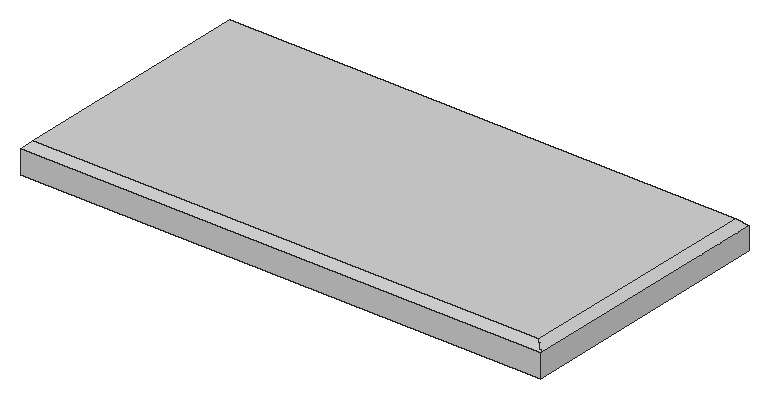
Revit family "12 X 24 RECTANGLE", category Specialty Equipment, Revit 2023
Family settings
  Round Connector Dimension = Use Diameter
  Part Type = Normal
  OmniClass Number = 23.35.00.00
  OmniClass Title = Covering, Cladding, and Finishes
  Work Plane-Based = Yes
  Enable Cutting in Views = Yes
  Always vertical = No
  Cut with Voids When Loaded = No
  Maintain Annotation Orientation = No
  Shared = No
  Room Calculation Point = No
Parameters (values of type "1-3/8 inch thick Primed White")
  URL = "https://www.acousticalsurfaces.com/envirocoustic-wood-wool/shapes/"
  Type Comments = "Acoustic Panels"
  Thickness = 0' - 1 3/8"
  Recycled Content Percentage = "0%"
  Model = "Envirocoustic Wood Wool"
  Material = "Envirocoustic Wood Wool"
  Manufacturer = "Acoustical Surfaces, Inc."
  Fire Rating = "ASTM E84 - Class A"
  Finish = Paint - Acoustical-Surfaces - Primed White
  Description = "Acoustic Panels"
  Default Elevation = 0' - 0"
  Assembly Code = "C30"
  Acoustics - NRC = "Sound absorption varies from NRC 0.45 to 0.95 based on installation method used when tested per ASTM C423."
Types (9): name | Thickness | Finish
  1-3/8 inch thick Primed White | 0' - 1 3/8" | Paint - Acoustical-Surfaces - Primed White
  1-3/8 inch thick Primed Clear | 0' - 1 3/8" | Paint - Acoustical-Surfaces - Primed Clear
  1-3/8 inch thick Custom Painted | 0' - 1 3/8" | Paint - Acoustical-Surfaces - Custom Painted
  2 inch thick Primed White | 0' - 2" | Paint - Acoustical-Surfaces - Primed White
  2 inch thick Primed Clear | 0' - 2" | Paint - Acoustical-Surfaces - Primed Clear
  2 inch thick Custom Painted | 0' - 2" | Paint - Acoustical-Surfaces - Custom Painted
  1 inch thick Primed White | 0' - 1" | Paint - Acoustical-Surfaces - Primed White
  1 inch thick Primed Clear | 0' - 1" | Paint - Acoustical-Surfaces - Primed Clear
  1 inch thick Custom Painted | 0' - 1" | Paint - Acoustical-Surfaces - Custom Painted
Reference planes (in)
  plane 1 "Center (Front/Back)": y = 0
  plane 2: z = 0
  plane 3 "Center (Left/Right)": x = 0
  plane 4: x = -12
  plane 5: x = 12
  plane 6: y = 6
  plane 7: y = -6
  plane 8: z = 1.375
  plane 9: z = -1
Forms (in)
  Extrusion 1, solid, material "Paint - Acoustical-Surfaces - Primed White" <- "Finish"
    sketch origin (0, 0, 0) x (1, 0, 0) y (0, 1, 0)
      loop
        line (12, 6) -> (-12, 6) -> (-12, -6) -> (12, -6) -> (12, 6)
    from 0 to 1.375
  Sweep 2, void
    path in 3D
      loop
        line (12, 6, 1.375) -> (-12, 6, 1.375) -> (-12, -6, 1.375) -> (12, -6, 1.375) -> (12, 6, 1.375)
    profile "Triangle : Family2" origin (12, 0, 1.375) x (-1, 0, 0) y (0, 0, 1)
      loop
        line (0, 0) -> (0, -0.315) -> (0.315, 0) -> (0, 0)
Cuts and joins
  Sweep 2 cuts Extrusion 1
Lines and regions (in)
  sketch lines
    curve 1: line (12, -6, 1.375) -> (12, 6, 1.375)
    curve 2: line (-12, -6, 1.375) -> (12, -6, 1.375)
    curve 3: line (-12, 6, 1.375) -> (-12, -6, 1.375)
    curve 4: line (12, 6, 1.375) -> (-12, 6, 1.375)
Dimensions and locks (in)
  equal spacing: plane 4, plane 3 "Center (Left/Right)", plane 5
  equal spacing: plane 7, plane 1 "Center (Front/Back)", plane 6
  plane 7 to plane 6 = 1' - 0"
  plane 4 to plane 5 = 2' - 0"
  "Thickness": plane 8 to level
  level to plane 9 = 0' - 1"
  aligned and locked: level to plane 2
  aligned and locked: Extrusion 1 sketch curve to plane 4
  aligned and locked: plane 5 to Extrusion 1 sketch curve
  aligned and locked: Extrusion 1 sketch curve to plane 6
  aligned and locked: Extrusion 1 sketch curve to plane 7
  aligned and locked: Extrusion 1 to plane 8
